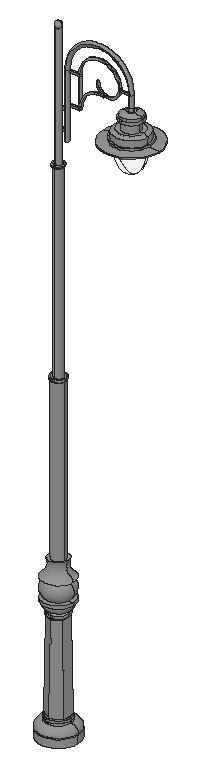
Revit family "svetilnik_alfresco_elegant-1-8_i_1-10", category Lighting Fixtures, Revit 2016 (continued)
Definition of nested family "Элегант"
  Types (2, lengths in mm): name | Photometric Web File | built-in parameter 1150105 | Lumens | built-in parameter 1150106 | built-in parameter 1150142 | Wattage
      \n20.91 30.21 39.525 60.675 81.825 110.82 139.815 177.345 214.89 308.52 402.165 533.235 664.305 706.875 749.445 730.635 711.81 805.83 899.835 812.37 724.92 717.57 710.235 652.725 595.215 480.87 366.51 271.815 177.105 146.415 115.74 91.56 67.38 48.315 29.25 \r\n22.065 14.895\r\n21.00 30.255 39.525 60.84 82.155 110.625 139.11 178.635 218.145 312.30 406.455 512.19 617.94 698.22 778.50 776.145 773.775 747.915 722.04 723.825 725.61 749.805 774.00 684.045 594.105 479.025 363.96 270.33 176.70 146.655 116.61 92.055 67.515 48.33 29.145 \r\n22.035 14.925\r\n21.15 30.39 39.63 61.065 82.50 111.165 139.845 181.95 224.04 311.175 398.31 519.60 640.905 721.035 801.165 821.565 841.965 876.42 910.875 895.545 880.215 835.395 790.575 715.86 641.16 498.855 356.55 267.69 178.815 147.57 116.31 92.01 67.725 48.42 29.13 \r\n22.08 15.045\r\n21.42 30.555 39.705 61.23 82.77 112.035 141.30 180.405 219.525 308.10 396.69 545.865 695.055 763.62 832.185 835.695 839.205 904.275 969.36 934.755 900.165 855.825 811.50 722.55 633.60 496.965 360.315 269.175 178.035 147.48 116.925 92.37 67.815 48.48 \r\n29.145 22.20 15.24\r\n21.675 30.705 39.72 61.41 83.115 112.17 141.225 179.235 217.245 316.635 416.01 557.43 698.85 803.385 907.92 898.23 888.555 905.505 922.47 915.555 908.655 897.885 887.13 757.77 628.41 506.895 385.38 280.515 175.65 145.755 115.875 91.95 68.025 48.60 29.19 \r\n22.335 15.495\r\n21.93 30.84 39.75 61.335 82.935 111.21 139.485 178.77 218.07 322.605 427.14 560.52 693.90 794.835 895.785 967.11 1038.4351 1094.415 1150.395 1106.325 1062.24 982.83 903.42 768.705 633.99 508.545 383.10 278.16 173.235 144.015 114.81 91.29 67.755 48.555 \r\n29.34 22.515 15.705\r\n22.20 31.005 39.825 60.93 82.035 109.86 137.67 178.575 219.465 320.145 420.825 570.105 719.40 829.17 938.94 998.85 1058.745 1107.15 1155.5551 1121.25 1086.9301 1007.34 927.765 798.45 669.135 507.57 346.005 258.135 170.265 141.555 112.83 89.88 66.93 48.225\r\n 29.505 22.725 15.945\r\n22.365 31.125 39.87 60.405 80.955 109.455 137.94 177.135 216.33 308.505 400.665 574.65 748.62 855.915 963.21 1032.63 1102.05 1151.16 1200.27 1170.78 1141.3051 1044.825 948.345 811.89 675.42 512.805 350.19 258.885 167.595 139.395 111.21 88.695 66.18 47.955\r\n 29.73 22.95 16.17\r\n22.50 31.23 39.945 60.06 80.16 109.455 138.75 177.255 215.76 312.675 409.59 584.61 759.63 882.51 1005.39 1061.88 1118.37 1155.99 1193.625 1169.5649 1145.505 1071.00 996.51 837.99 679.47 520.59 361.71 263.415 165.105 138.06 111.015 88.32 65.64 47.775 29.91\r\n 23.19 16.455\r\n22.62 31.32 40.035 59.82 79.59 108.435 137.265 178.485 219.69 325.245 430.80 596.355 761.91 910.23 1058.55 1124.01 1189.455 1231.005 1272.5551 1237.755 1202.97 1110.12 1017.285 863.85 710.43 542.355 374.295 268.98 163.68 136.635 109.605 87.405 65.205 \r\n47.64 30.075 23.37 16.68\r\n22.71 31.32 39.93 59.535 79.125 107.895 136.665 178.26 219.855 327.645 435.45 622.125 808.815 929.49 1050.1801 1133.205 1216.245 1242.615 1268.985 1250.955 1232.925 1129.3051 1025.6851 879.84 733.995 546.105 358.20 259.215 160.215 134.325 108.42 86.52 \r\n64.62 47.265 29.91 23.385 16.86\r\n22.755 31.245 39.735 59.04 78.345 107.145 135.96 177.00 218.025 325.725 433.41 635.01 836.595 951.855 1067.115 1153.41 1239.705 1268.985 1298.28 1277.25 1256.235 1178.8199 1101.42 930.375 759.33 558.84 358.365 257.175 156.00 131.325 106.665 85.215 63.78 \r\n46.725 29.67 23.325 16.98\r\n22.83 31.185 39.555 58.80 78.06 107.28 136.50 177.30 218.10 327.855 437.595 644.04 850.485 1004.16 1157.835 1217.4301 1277.01 1306.59 1336.155 1313.9399 1291.725 1213.005 1134.30 957.87 781.425 572.22 363.00 258.735 154.455 130.245 106.05 84.435 62.82 \r\n46.20 29.565 23.37 17.16\r\n22.935 31.185 39.45 58.485 77.505 107.34 137.16 179.76 222.36 332.295 442.245 663.795 885.36 1031.4301 1177.50 1250.025 1322.5649 1338.1949 1353.825 1330.365 1306.89 1229.775 1152.645 960.045 767.46 566.88 366.30 260.025 153.765 129.285 104.79 83.52 \r\n62.235 45.945 29.64 23.49 17.325\r\n23.025 31.185 39.33 58.32 77.325 106.425 135.54 180.69 225.84 339.105 452.355 669.24 886.125 1043.76 1201.395 1283.64 1365.87 1387.455 1409.0551 1386.48 1363.905 1264.725 1165.53 990.09 814.635 596.745 378.87 265.245 151.635 127.05 102.48 82.05 61.62 \r\n45.615 29.625 23.565 17.505\r\n23.13 31.185 39.225 57.945 76.65 106.005 135.36 181.545 227.73 347.94 468.165 693.465 918.765 1066.89 1215.015 1316.49 1417.95 1424.925 1431.90 1422.825 1413.75 1323.00 1232.265 1031.6851 831.105 601.74 372.375 261.00 149.625 124.905 100.185 80.745 61.29 \r\n45.405 29.535 23.61 17.67\r\n23.325 31.14 38.955 57.60 76.26 106.65 137.04 183.69 230.355 348.225 466.11 709.74 953.37 1110.285 1267.215 1348.875 1430.55 1449.045 1467.5551 1446.915 1426.275 1352.73 1279.17 1067.955 856.725 620.415 384.09 267.975 151.86 126.015 100.185 80.31 60.435 \r\n44.985 29.535 23.715 17.895\r\n23.55 31.14 38.715 57.09 75.465 106.80 138.15 185.265 232.395 361.815 491.235 741.495 991.77 1160.55 1329.3149 1420.89 1512.48 1512.54 1512.60 1494.375 1476.165 1397.88 1319.58 1114.59 909.585 653.985 398.385 273.795 149.205 123.72 98.25 78.855 59.46 \r\n44.415 29.37 23.745 18.105\r\n23.685 31.17 38.655 57.075 75.495 107.58 139.68 187.155 234.645 367.17 499.68 765.015 1030.35 1197.63 1364.895 1444.725 1524.5551 1528.365 1532.1899 1523.37 1514.55 1426.11 1337.67 1135.65 933.615 671.46 409.29 278.145 147.015 122.205 97.41 78.195 58.965 \r\n44.13 29.28 23.79 18.315\r\n23.76 31.14 38.52 57.015 75.525 107.46 139.41 190.50 241.59 378.195 514.80 776.055 1037.325 1212.9449 1388.5649 1492.9351 1597.3199 1584.72 1572.135 1569.21 1566.30 1474.29 1382.295 1171.515 960.735 688.11 415.47 282.42 149.385 122.235 95.10 76.77 58.425 \r\n43.665 28.905 23.655 18.42\r\n23.88 31.14 38.40 56.79 75.165 107.73 140.295 193.65 246.99 387.15 527.31 801.915 1076.52 1267.395 1458.285 1538.67 1619.0551 1630.515 1641.975 1623.075 1604.175 1521.51 1438.86 1233.90 1028.9399 722.49 416.025 282.405 148.80 120.915 93.015 75.435 57.855 \r\n43.305 28.74 23.67 18.60\r\n24.00 31.065 38.13 56.625 75.135 108.165 141.195 195.90 250.59 395.505 540.42 838.125 1135.83 1327.095 1518.375 1594.005 1669.635 1668.9449 1668.255 1659.75 1651.26 1581.09 1510.9351 1277.37 1043.8199 739.785 435.75 292.185 148.605 120.345 92.085 74.46 \r\n56.835 42.66 28.50 23.64 18.78\r\n24.045 30.72 37.395 56.535 75.66 109.455 143.25 199.455 255.66 406.575 557.49 856.305 1155.105 1375.215 1595.34 1666.995 1738.65 1734.735 1730.8051 1726.425 1722.03 1638.0601 1554.075 1313.265 1072.47 757.56 442.65 295.53 148.425 119.205 90.00 73.26 56.52\r\n 42.36 28.185 23.565 18.945\r\n23.85 30.63 37.395 56.73 76.065 111.27 146.49 205.305 264.135 416.565 568.995 879.03 1189.05 1417.455 1645.86 1732.005 1818.135 1806.9301 1795.725 1803.75 1811.76 1718.5649 1625.37 1349.745 1074.12 770.145 466.155 308.565 150.96 120.495 90.03 72.96 55.89 \r\n42.015 28.125 23.64 19.17\r\n23.97 30.75 37.545 57.30 77.055 113.85 150.645 210.93 271.20 425.355 579.495 898.125 1216.755 1449.675 1682.58 1785.765 1888.95 1879.6801 1870.425 1851.855 1833.285 1752.42 1671.5699 1411.755 1151.955 810.90 469.86 310.56 151.275 120.105 88.935 72.36 \r\n55.785 41.865 27.945 23.70 19.455\r\n24.135 30.885 37.635 57.885 78.12 116.115 154.11 216.00 277.89 422.49 567.075 933.345 1299.63 1514.1899 1728.735 1831.335 1933.92 1948.92 1963.92 1948.3051 1932.705 1836.975 1741.245 1472.55 1203.855 822.255 440.64 295.71 150.78 120.12 89.475 72.465 \r\n55.455 41.55 27.63 23.61 19.59\r\n24.465 31.455 38.43 58.89 79.35 118.995 158.625 222.345 286.08 426.99 567.90 952.485 1337.0699 1584.015 1830.975 1913.265 1995.5551 2002.92 2010.285 1986.975 1963.65 1868.52 1773.39 1494.45 1215.51 831.87 448.215 299.955 151.695 120.765 89.82 72.51 55.20 \r\n41.355 27.525 23.73 19.935\r\n25.20 32.175 39.15 59.97 80.79 121.965 163.125 229.11 295.095 450.66 606.24 981.00 1355.775 1637.205 1918.635 1980.48 2042.34 2062.6499 2082.96 2056.02 2029.095 1924.755 1820.415 1541.385 1262.37 869.295 476.205 316.425 156.63 124.365 92.10 73.89 55.665 \r\n41.70 27.735 23.955 20.16\r\n25.59 32.73 39.885 61.635 83.40 126.435 169.455 238.005 306.54 466.83 627.105 981.81 1336.53 1679.325 2022.105 2079.5249 2136.9299 2137.9951 2139.075 2120.9551 2102.835 2024.49 1946.145 1605.615 1265.085 878.85 492.615 327.975 163.32 128.25 93.195 75.105 \r\n57.015 42.585 28.155 24.36 20.55\r\n26.205 33.54 40.89 64.005 87.135 131.385 175.65 248.01 320.385 486.165 651.96 984.45 1316.9399 1698.615 2080.29 2156.3701 2232.45 2233.74 2235.0449 2218.4399 2201.835 2110.6951 2019.54 1625.37 1231.20 865.395 499.59 334.665 169.755 132.18 94.605 76.485 \r\n58.365 43.605 28.845 24.975 21.12\r\n26.925 34.65 42.36 66.36 90.375 136.11 181.845 256.485 331.14 500.19 669.255 1017.96 1366.6801 1760.73 2154.7649 2235.3301 2315.895 2329.3049 2342.7151 2301.6001 2260.50 2171.6399 2082.7949 1637.625 1192.455 859.875 527.295 352.065 176.85 136.545 96.24 \r\n77.76 59.28 44.625 29.97 25.86 21.765\r\n27.84 35.91 43.995 69.39 94.77 142.35 189.93 268.80 347.67 535.395 723.12 1060.80 1398.465 1770.60 2142.7351 2269.365 2395.98 2388.855 2381.73 2362.8899 2344.05 2192.0249 2040.00 1636.47 1232.955 897.27 561.585 375.24 188.88 144.03 99.195 79.74 60.30 \r\n45.39 30.495 26.43 22.38\r\n28.845 37.41 45.96 72.375 98.775 148.515 198.255 279.84 361.425 563.985 766.545 1106.145 1445.73 1778.625 2111.52 2268.27 2425.02 2443.50 2461.98 2408.97 2355.9451 2177.835 1999.74 1631.1899 1262.64 930.39 598.14 399.195 200.25 150.555 100.86 81.075 \r\n61.305 46.245 31.185 27.09 23.01\r\n29.91 38.865 47.82 76.05 104.265 155.31 206.355 290.325 374.31 581.97 789.63 1139.10 1488.5699 1801.05 2113.5449 2256.0601 2398.575 2416.7251 2434.875 2368.875 2302.875 2139.0149 1975.155 1659.135 1343.115 978.24 613.35 413.145 212.94 157.395 101.85 \r\n82.155 62.445 47.205 31.965 27.765 23.55\r\n31.11 40.50 49.89 79.83 109.785 163.575 217.365 301.44 385.515 606.345 827.175 1206.8101 1586.4449 1884.585 2182.71 2269.0349 2355.3601 2366.8501 2378.355 2314.7849 2251.2151 2116.365 1981.50 1673.265 1365.015 1000.38 635.745 428.94 222.15 163.725 105.30 \r\n84.75 64.185 48.48 32.76 28.50 24.255\r\n32.43 42.375 52.32 83.865 115.41 172.845 230.28 312.39 394.50 622.815 851.115 1230.96 1610.8051 1936.08 2261.3401 2310.99 2360.6399 2360.55 2360.46 2320.6499 2280.8401 2168.04 2055.2251 1728.51 1401.795 1036.845 671.88 447.15 222.405 166.065 109.725 \r\n87.855 66.00 49.785 33.555 29.19 24.825\r\n33.99 44.475 54.96 88.65 122.34 182.37 242.415 321.285 400.155 638.97 877.785 1249.245 1620.705 1960.53 2300.3701 2375.49 2450.6101 2399.895 2349.1799 2326.23 2303.28 2189.4451 2075.595 1758.675 1441.755 1061.55 681.345 449.97 218.61 166.215 113.82 90.21 \r\n66.585 50.655 34.71 30.24 25.755\r\n35.745 46.68 57.615 93.60 129.585 192.105 254.61 330.45 406.29 641.70 877.095 1271.625 1666.14 1995.135 2324.1299 2385.3149 2446.50 2452.9199 2459.3401 2422.905 2386.47 2244.54 2102.595 1782.255 1461.90 1072.20 682.485 447.93 213.36 165.81 118.26 92.505 \r\n66.735 51.015 35.295 31.125 26.94\r\n37.575 49.38 61.17 99.375 137.58 201.51 265.455 339.405 413.355 638.835 864.30 1263.015 1661.73 2003.3101 2344.8899 2419.3799 2493.8701 2475.375 2456.8799 2421.675 2386.47 2264.70 2142.915 1802.5649 1462.215 1075.29 688.365 447.825 207.285 164.355 121.44 \r\n95.04 68.655 52.515 36.375 32.025 27.66\r\n39.825 52.425 65.025 105.51 145.98 212.34 278.685 348.75 418.83 630.03 841.23 1239.90 1638.585 1987.3051 2336.0249 2427.99 2519.9399 2510.04 2500.1399 2454.9751 2409.825 2258.1001 2106.375 1765.995 1425.63 1051.6949 677.775 437.895 198.015 160.95 123.87 \r\n97.17 70.47 54.06 37.635 33.21 28.785\r\n42.03 56.01 69.99 112.455 154.905 221.805 288.705 355.35 421.995 603.075 784.155 1196.145 1608.15 1931.46 2254.7849 2358.135 2461.50 2465.01 2468.52 2419.29 2370.0449 2223.3899 2076.7351 1741.905 1407.0601 1019.88 632.70 410.685 188.685 157.395 126.105 \r\n99.615 73.125 56.67 40.215 35.175 30.135\r\n44.49 60.12 75.735 118.965 162.195 230.94 299.685 363.765 427.83 572.355 716.865 1130.01 1543.14 1864.53 2185.9199 2294.355 2402.7749 2422.5149 2442.24 2368.5149 2294.79 2153.595 2012.415 1674.075 1335.735 956.70 577.665 381.36 185.07 155.745 126.405 \r\n100.17 73.95 58.65 43.365 37.53 31.71\r\n47.625 64.50 81.375 126.18 170.97 240.39 309.81 370.29 430.77 534.975 639.18 1042.875 1446.585 1750.98 2055.375 2176.845 2298.3149 2316.21 2334.1201 2257.155 2180.1899 2049.825 1919.46 1582.605 1245.75 860.25 474.75 330.255 185.76 157.56 129.345 103.185 \r\n77.025 61.935 46.86 40.035 33.225\r\n51.075 69.165 87.27 132.885 178.50 246.66 314.835 375.72 436.62 508.035 579.435 926.835 1274.25 1586.085 1897.92 2008.05 2118.1951 2140.0049 2161.8301 2098.4399 2035.035 1896.885 1758.735 1429.455 1100.175 736.365 372.57 280.065 187.56 158.40 129.24 \r\n104.40 79.56 65.10 50.64 42.87 35.085\r\n54.585 74.01 93.45 138.525 183.615 250.935 318.27 376.65 435.03 490.215 545.385 791.94 1038.48 1359.27 1680.0601 1781.10 1882.155 1920.495 1958.835 1870.74 1782.66 1658.415 1534.1851 1229.475 924.765 620.445 316.11 252.48 188.85 160.32 131.775 106.245 \r\n80.70 66.795 52.875 44.835 36.795\r\n58.125 78.855 99.585 145.47 191.355 257.37 323.40 377.145 430.875 480.00 529.125 655.275 781.44 1089.1801 1396.92 1494.135 1591.35 1619.235 1647.105 1573.35 1499.58 1387.02 1274.46 966.285 658.095 465.045 271.98 229.425 186.87 159.225 131.58 106.575 81.57\r\n 68.79 55.995 47.55 39.09\r\n62.985 84.60 106.215 151.50 196.785 260.43 324.06 374.94 425.805 469.245 512.67 578.43 644.175 853.845 1063.515 1175.91 1288.3199 1293.585 1298.85 1240.005 1181.175 1078.995 976.83 720.315 463.80 357.855 251.895 220.20 188.52 161.91 135.315 111.18 87.045 \r\n74.04 61.02 51.345 41.67\r\n68.76 91.62 114.465 157.65 200.835 260.565 320.31 370.455 420.585 458.415 496.245 536.01 575.79 661.485 747.195 841.935 936.675 953.895 971.115 917.775 864.435 820.995 777.555 574.605 371.655 308.70 245.745 217.965 190.185 162.705 135.225 113.07 90.915 \r\n78.36 65.805 55.815 45.825\r\n75.855 98.76 121.68 161.58 201.48 256.80 312.105 360.51 408.915 444.72 480.51 509.76 539.01 572.715 606.435 635.265 664.11 659.85 655.605 619.275 582.96 580.62 578.28 449.415 320.535 281.67 242.79 215.52 188.25 161.385 134.505 114.165 93.81 82.755 71.685 \r\n61.20 50.70\r\n83.16 104.475 125.805 164.07 202.335 252.405 302.475 347.64 392.79 425.955 459.105 482.505 505.89 524.085 542.295 534.75 527.205 531.69 536.175 493.425 450.675 415.35 380.01 338.25 296.475 268.995 241.515 215.37 189.225 161.79 134.355 116.625 98.895 \r\n86.835 74.775 65.445 56.13\r\n89.955 111.615 133.275 168.195 203.115 246.36 289.605 332.715 375.825 406.47 437.10 455.13 473.16 475.785 478.395 466.32 454.23 435.75 417.285 407.085 396.90 371.895 346.89 319.29 291.69 266.22 240.75 215.295 189.84 162.645 135.45 120.585 105.72 93.33 \r\n80.925 71.28 61.62\r\n96.495 118.29 140.07 170.97 201.855 240.495 279.135 315.27 351.42 381.015 410.61 426.045 441.48 441.705 441.915 422.775 403.635 392.73 381.825 374.10 366.375 350.445 334.50 309.375 284.25 261.90 239.535 214.125 188.70 164.535 140.385 126.33 112.26 100.47 \r\n88.665 78.555 68.43\r\n106.215 126.885 147.555 173.235 198.915 232.095 265.275 296.085 326.895 355.215 383.55 396.255 408.975 407.64 406.305 393.075 379.83 370.395 360.96 358.185 355.41 342.435 329.475 306.39 283.305 260.61 237.93 212.715 187.485 164.745 141.99 128.895 115.785 \r\n105.69 95.595 85.155 74.715\r\n111.24 133.53 155.835 176.97 198.12 225.09 252.075 275.91 299.745 328.035 356.31 366.975 377.64 378.765 379.905 369.81 359.73 353.82 347.91 345.33 342.765 335.61 328.44 303.075 277.695 257.85 238.02 208.65 179.295 162.105 144.90 133.605 122.295 111.93 \r\n101.55 91.80 82.05\r\n119.895 139.11 158.325 178.80 199.29 220.305 241.335 259.215 277.08 303.60 330.105 339.54 348.975 354.51 360.045 352.965 345.885 342.705 339.525 336.72 333.915 326.925 319.92 298.245 276.57 254.31 232.035 204.795 177.54 163.125 148.695 137.445 126.195 \r\n117.36 108.525 98.01 87.48\r\n122.58 142.755 162.93 181.71 200.475 217.845 235.20 249.615 264.015 285.42 306.825 319.035 331.245 337.17 343.095 338.79 334.47 333.015 331.545 329.115 326.67 319.59 312.495 296.49 280.50 252.45 224.415 200.835 177.24 163.245 149.25 142.11 134.97 124.755 \r\n114.54 104.82 95.115\r\n122.58 144.375 166.185 182.805 199.425 214.53 229.65 243.24 256.83 268.65 280.455 296.61 312.765 320.775 328.80 3
      28.335 327.87 325.32 322.755 320.235 317.70 311.175 304.635 291.84 279.045 246.27 213.495 198.27 183.06 170.895 158.73 150.27 141.81 132.225 \r\n122.64 111.78 100.92\r\n130.05 148.86 167.67 183.525 199.395 213.12 226.86 239.31 251.775 257.955 264.15 281.55 298.965 305.76 312.555 313.305 314.04 313.125 312.21 310.14 308.055 300.855 293.67 276.63 259.605 237.12 214.62 197.955 181.29 171.225 161.145 154.155 147.15 138.18 \r\n129.21 118.35 107.475\r\n136.425 154.32 172.23 188.385 204.54 216.18 227.82 235.68 243.555 253.005 262.455 271.095 279.735 286.68 293.61 295.725 297.84 297.30 296.76 294.24 291.72 284.49 277.26 263.49 249.72 235.035 220.35 204.42 188.505 176.88 165.255 157.005 148.77 142.575 \r\n136.38 124.635 112.905\r\n141.12 159.495 177.855 191.04 204.225 214.065 223.89 233.58 243.27 251.565 259.86 265.005 270.15 273.585 277.02 278.025 279.045 277.80 276.555 274.785 273.015 267.735 262.44 251.13 239.82 228.33 216.84 207.30 197.745 185.40 173.04 163.50 153.96 145.11 \r\n136.245 124.575 112.92\r\n148.695 166.005 183.315 197.07 210.84 222.765 234.69 242.43 250.17 251.625 253.095 255.075 257.07 261.39 265.71 263.43 261.15 260.82 260.49 259.245 258.00 256.23 254.46 245.055 235.65 226.11 216.57 207.915 199.26 192.075 184.875 175.14 165.42 155.595 \r\n145.785 133.47 121.14\r\n156.675 174.795 192.93 206.355 219.765 228.735 237.705 240.99 244.275 243.33 242.385 245.52 248.655 250.65 252.645 252.495 252.345 253.26 254.16 252.15 250.125 247.44 244.77 237.24 229.725 218.655 207.585 202.53 197.475 192.615 187.755 179.055 170.355 \r\n162.015 153.675 140.46 127.23\r\n158.055 174.81 191.565 204.015 216.465 222.33 228.21 234.87 241.545 240.255 238.965 238.50 238.05 242.205 246.345 244.95 243.555 243.255 242.955 242.625 242.28 238.95 235.605 226.65 217.695 211.365 205.035 200.91 196.785 190.095 183.39 176.40 169.41 \r\n161.385 153.36 140.925 128.475\r\n154.935 170.88 186.84 197.52 208.185 214.98 221.775 225.75 229.71 230.355 231.00 229.11 227.22 229.20 231.18 231.165 231.135 230.67 230.205 230.46 230.715 227.625 224.55 218.13 211.725 206.865 202.005 196.65 191.28 185.55 179.82 172.995 166.17 158.535 \r\n150.915 136.83 122.745\r\n138.525 151.80 165.075 178.515 191.955 202.065 212.175 214.83 217.50 218.88 220.26 221.565 222.87 222.90 222.945 223.605 224.265 222.93 221.595 221.025 220.47 217.68 214.89 209.73 204.555 199.26 193.965 190.185 186.405 181.995 177.585 170.355 163.125 \r\n152.955 142.77 128.13 113.49\r\n124.695 135.165 145.65 156.255 166.86 177.735 188.625 194.85 201.075 205.32 209.58 209.49 209.385 210.63 211.86 211.905 211.95 211.035 210.12 207.885 205.635 204.63 203.61 197.595 191.565 189.825 188.085 184.125 180.165 175.305 170.43 162.12 153.795 \r\n139.89 125.97 111.405 96.84\r\n106.965 118.095 129.225 136.29 143.34 151.62 159.885 165.12 170.34 178.80 187.245 192.66 198.075 198.00 197.91 199.53 201.135 200.775 200.415 197.745 195.06 191.91 188.76 186.00 183.255 180.375 177.51 174.945 172.365 161.805 151.23 140.565 129.90 116.67 \r\n103.425 92.73 82.035\r\n87.645 96.30 104.97 110.235 115.50 122.22 128.94 134.52 140.115 145.92 151.74 156.825 161.91 171.525 181.125 184.23 187.32 186.51 185.715 183.105 180.495 177.33 174.165 169.845 165.51 159.48 153.45 147.075 140.715 131.43 122.145 111.795 101.46 91.41 \r\n81.375 74.64 67.92\r\n74.625 79.275 83.925 86.895 89.85 94.11 98.355 99.66 100.965 104.295 107.625 109.425 111.21 116.355 121.50 125.28 129.075 131.04 133.005 132.075 131.13 128.025 124.92 121.155 117.405 114.42 111.45 104.775 98.085 93.825 89.565 83.04 76.50 71.985 67.47 \r\n62.55 57.63\r\n67.65 65.43 63.195 65.355 67.515 68.55 69.57 69.66 69.75 69.825 69.90 70.11 70.32 70.62 70.92 70.77 70.605 71.31 72.015 71.835 71.64 71.895 72.15 72.405 72.675 72.105 71.52 70.785 70.035 68.385 66.735 66.945 67.14 66.39 65.625 64.83 64.02\r\n" | 64.6282 W
